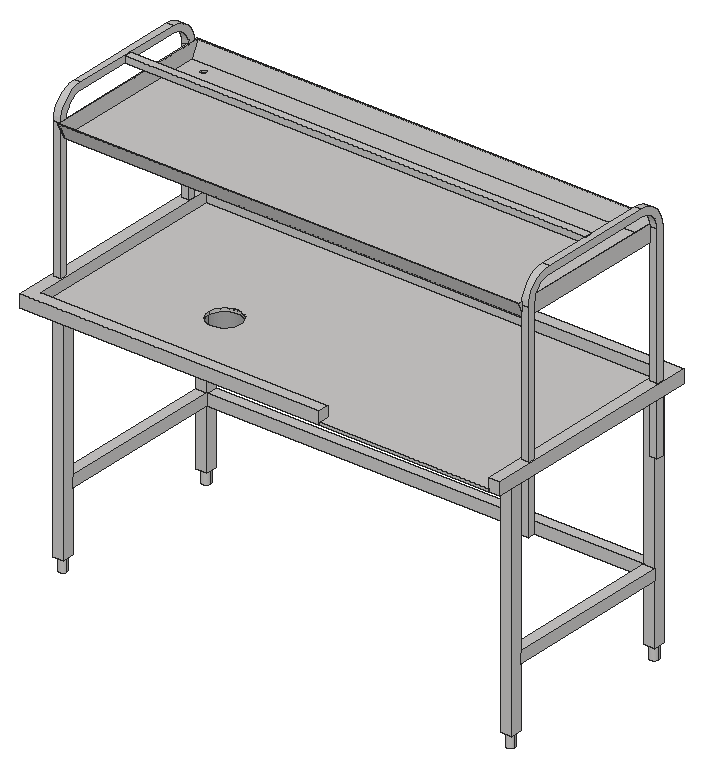
Revit family "QF_ZANUSSI_865337_BHST1708L", category Attrezzature speciali, Revit 2020
Family settings
  Quota connettore circolare = Usa diametro
  Tipo di parte = Normale
  Basato su piano di lavoro = No
  Sempre verticale = Sì
  Taglio con vuoti quando caricato = No
  Condiviso = No
  Punto di calcolo locali = No
Parameters (values of type "Standard")
  Weight = 14.00 kg
  Watts = 0 W
  Volts = 0 V
  URL Manufacturer = "http://www.zanussiprofessional.com"
  URL = "http://www.zanussiprofessional.com"
  Steam Supply Size = 0 mm
  Steam Supply Minimum Pressure = 0.0 Pa
  Steam Supply Maximum Pressure = 0.0 Pa
  Steam Consumption per Hour = 0
  Refrigeration Suction Line Size = 0 mm
  Refrigeration Liquid Line Size = 0 mm
  Refrigerant Compressor Remote = yes
  Prospetto di default = 0 mm
  Produttore = "Zanussi"
  Phase = 0
  Modello = "BHST1708L"
  Length Actual = 1700 mm  # constant formula
  Item Number = "865337"
  Hot Water Size = 0 mm
  Height Actual = 1551 mm  # constant formula
  HP = "0 HP"
  Gas Size = 0 mm
  Gas KW = 0
  Gas Input Pressure = 0 W
  Direct Waste Size = 0 mm
  Description = "SORTING TABLE, LEFT>RIGHT, 1700X800 MM "
  Depth Actual = 800 mm  # constant formula
  Cycle = 0 Hz
  Condensate Return Size = 0 mm
  Compressed Air Volume = 0.0 L/s
  Compressed Air Size = 0 mm
  Compressed Air Pressure = 0.0 Pa
  Cold Water Size = 0 mm
  Accessory = yes
Reference planes
  plane 1 "Centro (Fronte/Retro)": y = 0
  plane 2: z = 0
  plane 3 "Centro (Sinistra/Destra)": x = 0
  plane 4: x = 850
  plane 5: z = 1492
  plane 6: x = 20
  plane 7: y = -379.5
  plane 8: x = 56
  plane 9: x = 944
  plane 10: y = -60
  plane 11: y = -695
  plane 12: x = 1700
  plane 13: x = 1644
Forms (mm)
  Extrusion 1, solid, material "QF_Finishes_Stainless Steel"
    sketch origin (-964, -40, 0) x (1, 0, 0) y (0, 1, 0)
      loop
        line (1000, 0) -> (1000, -40) -> (1040, -40) -> (1040, 0) -> (1000, 0)
    from 45 to 865
  Extrusion 2, solid, material "QF_Finishes_Stainless Steel"
    sketch origin (-964, -40, 0) x (1, 0, 0) y (0, 1, 0)
      loop
        circle (1020, -20) r 15
    from 0 to 45
  Extrusion 3, solid, material "QF_Finishes_Stainless Steel"
    sketch origin (-964, -675, 0) x (1, 0, 0) y (0, 1, 0)
      loop
        line (1000, 0) -> (1000, -40) -> (1040, -40) -> (1040, 0) -> (1000, 0)
    from 45 to 865
  Extrusion 4, solid, material "QF_Finishes_Stainless Steel"
    sketch origin (-964, -675, 0) x (1, 0, 0) y (0, 1, 0)
      loop
        circle (1020, -20) r 15
    from 0 to 45
  Extrusion 5, solid, material "QF_Finishes_Stainless Steel"
    sketch origin (0, 0, 0) x (1, 0, 0) y (0, 0, 1)
      loop
        line (76, 259.624) -> (1624, 259.624) -> (1624, 299.579) -> (76, 299.579) -> (76, 259.624)
    from 40 to 80
  Extrusion 6, solid, material "QF_Finishes_Stainless Steel"
    sketch origin (36, 0, 0) x (0, 1, 0) y (0, 0, 1)
      loop
        line (-80, 299.579) -> (-675, 299.579) -> (-675, 259.579) -> (-80, 259.579) -> (-80, 299.579)
    from 0 to 40
  Sweep 7, solid, material "QF_Finishes_Stainless Steel"
    path origin (0, 0, -12) x (0, 1, 0) y (0, 0, 1)
      loop
        line (-95, 682) -> (-95, 1412)
        arc (-95, 1412) -> (-118.431, 1468.569) -> (-175, 1492) r 80
        line (-175, 1492) -> (-584, 1492)
        arc (-584, 1492) -> (-640.569, 1468.569) -> (-664, 1412) r 80
        line (-664, 1412) -> (-664, 682)
    profile origin (0, -95, 1035) x (0, -1, 0) y (1, 0, 0)
      loop
        line (-12, 8) -> (12, 8) -> (12, 32) -> (-12, 32) -> (-12, 8)
  Extrusion 8, solid, material "QF_Finishes_Stainless Steel"
    sketch origin (0, 0, -12) x (0, 1, 0) y (0, 0, 1)
      loop
        line (-367.5, 1504) -> (-391.5, 1504) -> (-391.5, 1480) -> (-367.5, 1480) -> (-367.5, 1504)
    from 32 to 1668
  Extrusion 9, void
    sketch origin (32, 0, -6.687) x (0, 1, 0) y (0, 0, 1)
      loop
        line (-56.629, 1444.891) -> (-702.371, 1444.891) -> (-663.034, 1360.532) -> (-95.966, 1360.532) -> (-56.629, 1444.891)
    from 3.287 to 1634
  Extrusion 10, solid, material "QF_Finishes_Stainless Steel"
    sketch origin (32, 0, -12) x (0, 1, 0) y (0, 0, 1)
      loop
        line (-70.92, 1418.976) -> (-688.08, 1418.976) -> (-661.76, 1362.532) -> (-97.24, 1362.532) -> (-70.92, 1418.976)
    from 0 to 1636
  Extrusion 11, void
    sketch origin (0, 0, -12) x (1, 0, 0) y (0, 1, 0)
      loop
        circle (108.268, -136.161) r 12
    from 1301.755 to 1377.519
  Extrusion 12, solid, material "QF_Finishes_Stainless Steel"
    sketch origin (0, 0, -12) x (1, 0, 0) y (0, 1, 0)
      loop
        circle (108.21, -136.146) r 13
    from 1316.037 to 1362.532
  Extrusion 13, void
    sketch origin (0, 0, -12) x (1, 0, 0) y (0, 1, 0)
      loop
        circle (108.268, -136.161) r 10
    from 1301.755 to 1377.519
  Extrusion 14, solid, material "QF_Finishes_Stainless Steel"
    sketch origin (2664, -40, 0) x (-1, 0, 0) y (0, -1, 0)
      loop
        line (1000, 0) -> (1040, 0) -> (1040, 40) -> (1000, 40) -> (1000, 0)
    from 45 to 865
  Extrusion 15, solid, material "QF_Finishes_Stainless Steel"
    sketch origin (2664, -40, 0) x (-1, 0, 0) y (0, -1, 0)
      loop
        circle (1020, 20) r 15
    from 0 to 45
  Extrusion 16, solid, material "QF_Finishes_Stainless Steel"
    sketch origin (2664, -675, 0) x (-1, 0, 0) y (0, -1, 0)
      loop
        line (1000, 0) -> (1040, 0) -> (1040, 40) -> (1000, 40) -> (1000, 0)
    from 45 to 865
  Extrusion 17, solid, material "QF_Finishes_Stainless Steel"
    sketch origin (2664, -675, 0) x (-1, 0, 0) y (0, -1, 0)
      loop
        circle (1020, 20) r 15
    from 0 to 45
  Sweep 18, solid, material "QF_Finishes_Stainless Steel"
    path origin (1700, 0, -12) x (0, 1, 0) y (0, 0, -1)
      loop
        line (-95, -682) -> (-95, -1412)
        arc (-95, -1412) -> (-118.431, -1468.569) -> (-175, -1492) r 80
        line (-175, -1492) -> (-584, -1492)
        arc (-584, -1492) -> (-640.569, -1468.569) -> (-664, -1412) r 80
        line (-664, -1412) -> (-664, -682)
    profile origin (1700, -95, 1035) x (0, 1, 0) y (-1, 0, 0)
      loop
        line (12, 8) -> (12, 32) -> (-12, 32) -> (-12, 8) -> (12, 8)
  Extrusion 19, solid, material "QF_Finishes_Stainless Steel"
    sketch origin (1664, 0, 0) x (0, 1, 0) y (0, 0, -1)
      loop
        line (-80, -299.579) -> (-80, -259.579) -> (-675, -259.579) -> (-675, -299.579) -> (-80, -299.579)
    from 0 to 40
  Extrusion 20, void
    sketch origin (1100, -30, 0) x (-1, 0, 0) y (0, -1, 0)
      loop
        circle (610, 490) r 58
    from 674.596 to 947.421
  Extrusion 21, solid, material "QF_Finishes_Stainless Steel"
    sketch origin (1700, 0, 865) x (-1, 0, 0) y (0, -1, 0)
      loop
        line (40, 814) -> (40, 40) -> (1660, 40) -> (1660, 774) -> (640, 774) -> (640, 814) -> (40, 814)
    from 0 to 10
  Extrusion 22, solid, material "QF_Finishes_Stainless Steel"
    sketch origin (1700, 0, 865) x (-1, 0, 0) y (0, -1, 0)
      loop
        line (0, 0) -> (1700, 0) -> (1700, 814) -> (640, 814) -> (640, 774) -> (1660, 774) -> (1660, 40) -> (40, 40) -> (40, 814) -> (0, 814) -> (0, 0)
    from 0 to 45
Cuts and joins
  Extrusion 9, Extrusion 13 cuts Extrusion 10
  Extrusion 11 cuts Extrusion 12
  Extrusion 20 cuts Extrusion 21
Dimensions and locks
  plane 5 to level = 1492 mm  (x2)
  Extrusion 5 to Extrusion 5 = 39.955 mm
  Extrusion 1 to Extrusion 3 = 595 mm
  plane 10 to plane 11 = 635 mm
  plane 12 to plane 3 "Centro (Sinistra/Destra)" = 1700 mm
  plane 13 to plane 8 = 1588 mm
  Extrusion 16 to Extrusion 3 = 1548 mm
  Sweep 7 to Sweep 7 = 545 mm
  plane 3 "Centro (Sinistra/Destra)" to plane 12 = 1700 mm
  Extrusion 22 to plane 1 "Centro (Fronte/Retro)" = 814 mm
  aligned and locked: level to plane 2
  aligned and locked: Extrusion 2 to Extrusion 1
  aligned and locked: Extrusion 4 to Extrusion 3
  aligned and locked: Extrusion 8 to Sweep 7
  aligned and locked: Extrusion 14 to Extrusion 15
  aligned and locked: Extrusion 16 to Extrusion 17
Nested families
  nested 1: "FORO_IMMONDIZIE - 200" at (490, -520, 863.471) x (-1, 0, 0) z (0, 0, 1), type "FORO_IMMONDIZIE - 200"
Definition of nested family "FORO_IMMONDIZIE - 200"
  Parameters (values of type "FORO_IMMONDIZIE - 200")
    Default Elevation = 1219.2 mm
  Reference planes
    plane 1 "Centro (Fronte/Retro)": y = 0
    plane 2: z = 0
    plane 3 "Centro (Sinistra/Destra)": x = 0
    plane 4: z = -110
  Forms (mm)
    Extrusion 1, solid, not visible
      sketch origin (0, 0, 0) x (1, 0, 0) y (0, 1, 0)
        loop
          line (-1219.2, 1219.2) -> (-1219.2, -1219.2) -> (1219.2, -1219.2) -> (1219.2, 1219.2) -> (-1219.2, 1219.2)
      from 0 to -304.8
    Extrusion 2, solid
      sketch origin (0, 0, 0) x (1, 0, 0) y (0, 1, 0)
        loop
          circle (0, 0) r 60
        loop
          circle (0, 0) r 90
      from -110 to 1.529
  Dimensions and locks
    aligned and locked: plane 2 to Extrusion 1
    aligned and locked: level to Extrusion 1
